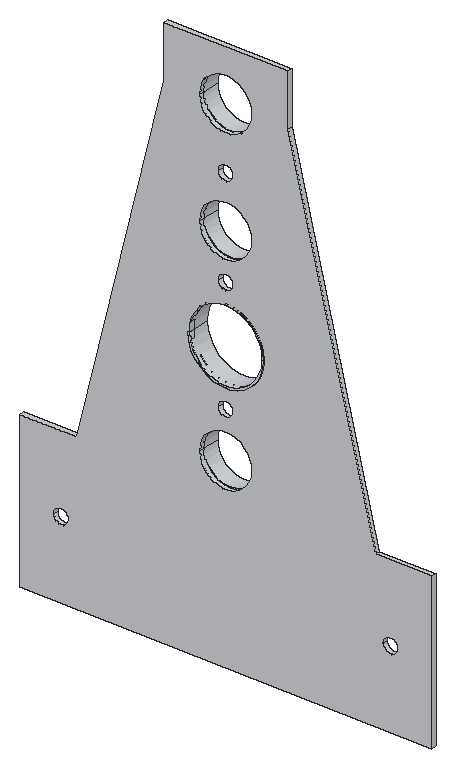
Revit family
Reference planes (in)
  plane 1 "Center (Front/Back)": y = 0
  plane 2: z = 0
  plane 3 "Center (Left/Right)": x = 0
Forms (in)
  Extrusion 1, solid
    sketch origin (0, 0, 0) x (1, 0, 0) y (0, 0, 1)
      loop
        line (-2.5, 0) -> (2.5, 0) -> (2.5, 1.875) -> (1.815, 1.875) -> (0.75, 6.12) -> (0.75, 6.75) -> (-0.75, 6.75) -> (-0.75, 6.12) -> (-1.815, 1.875) -> (-2.5, 1.875) -> (-2.5, 0)
    from 0 to 0.059
  Extrusion 2, void
    sketch origin (0, 0, 0) x (1, 0, 0) y (0, 0, 1)
      loop
        circle (0, 6.13) r 0.316
    from -0.209 to 0.059
  Extrusion 3, void
    sketch origin (0, 0, 0) x (1, 0, 0) y (0, 0, 1)
      loop
        circle (0, 5.38) r 0.09
    from -3.64244 to 0.059
  Extrusion 4, void
    sketch origin (0, 0, -2.57) x (1, 0, 0) y (0, 0, 1)
      loop
        circle (0, 5.38) r 0.09
    from -3.64244 to 0.059
  Extrusion 5, void
    sketch origin (-2, 0, -4.44) x (1, 0, 0) y (0, 0, 1)
      loop
        circle (0, 5.38) r 0.09
    from -3.64244 to 0.059
  Extrusion 6, void
    sketch origin (2, 0, -4.44) x (-1, 0, 0) y (0, 0, -1)
      loop
        circle (0, -5.38) r 0.09
    from -3.64244 to 0.059
  Extrusion 7, void
    sketch origin (0, 0, 0) x (1, 0, 0) y (0, 0, 1)
      loop
        circle (0, 3.5) r 0.441
    from -7.54874 to 0.059
  Extrusion 8, solid
    sketch origin (0, 0, 0) x (1, 0, 0) y (0, 0, 1)
      loop
        circle (0, 6.13) r 0.34
    from 0 to -0.209
  Extrusion 9, void
    sketch origin (0, 0, -1.38) x (1, 0, 0) y (0, 0, 1)
      loop
        circle (0, 6.13) r 0.316
    from -0.209 to 0.059
  Extrusion 10, solid
    sketch origin (0, 0, -1.38) x (1, 0, 0) y (0, 0, 1)
      loop
        circle (0, 6.13) r 0.34
    from 0 to -0.209
  Extrusion 11, void
    sketch origin (0, 0, -3.88) x (1, 0, 0) y (0, 0, 1)
      loop
        circle (0, 6.13) r 0.316
    from -0.209 to 0.059
  Extrusion 12, solid
    sketch origin (0, 0, -3.88) x (1, 0, 0) y (0, 0, 1)
      loop
        circle (0, 6.13) r 0.34
    from 0 to -0.209
  Extrusion 13, solid
    sketch origin (0, 0, 0) x (1, 0, 0) y (0, 0, 1)
      loop
        circle (0, 3.5) r 0.46
    from -0.209 to 0.059
  Extrusion 14, void
    sketch origin (0, 0, -1.19) x (1, 0, 0) y (0, 0, 1)
      loop
        circle (0, 5.38) r 0.09
    from -3.64244 to 0.059
Cuts and joins
  Extrusion 2, Extrusion 3, Extrusion 4, Extrusion 5, Extrusion 6, Extrusion 7, Extrusion 9, Extrusion 11, Extrusion 14 cuts Extrusion 1
  Extrusion 2, Extrusion 9 cuts Extrusion 8
  Extrusion 9, Extrusion 11 cuts Extrusion 10
  Extrusion 11 cuts Extrusion 12
  Extrusion 7 cuts Extrusion 13
Lines and regions (in)
  model lines
    curve 1: line (0.75, 0, 6.12) -> (1.815, 0, 1.875)
    curve 2: line (0.62128, 0, 5.68789) -> (1.44378, 0, 2.4095)
    curve 3: line (0.46609, 0, 5.64896) -> (1.28859, 0, 2.37056)
    curve 4: arc (0.46609, 0, 5.64896) -> (0.52422, 0, 5.74602) -> (0.62128, 0, 5.68789) r 0.08
    curve 5: arc (1.28859, 0, 2.37056) -> (1.38565, 0, 2.31243) -> (1.44378, 0, 2.4095) r 0.08
    curve 6: line (-0.62128, 0, 5.68789) -> (-1.44378, 0, 2.4095)
    curve 7: line (-0.46609, 0, 5.64896) -> (-1.28859, 0, 2.37056)
    curve 8: arc (-0.46609, 0, 5.64896) -> (-0.52422, 0, 5.74602) -> (-0.62128, 0, 5.68789) r 0.08
    curve 9: arc (-1.28859, 0, 2.37056) -> (-1.38565, 0, 2.31243) -> (-1.44378, 0, 2.4095) r 0.08
Dimensions and locks (in)
  locked: cut or joined group 1 (Extrusion 1, Extrusion 2, Extrusion 3, Extrusion 4, Extrusion 5, Extrusion 6, Extrusion 7, Extrusion 9, Extrusion 11, Extrusion 14) to cut or joined group 1 at 0.059
  aligned and locked: plane 2 to level
  aligned and locked: cut or joined group of Extrusion 2, Extrusion 8, Extrusion 9 to Extrusion 2
  aligned and locked: cut or joined group 1 to Extrusion 13
  aligned and locked: Extrusion 1 to Extrusion 2
  aligned and locked: Extrusion 1 to Extrusion 9
  aligned and locked: Extrusion 1 to Extrusion 7
  aligned and locked: Extrusion 1 to Extrusion 11
  aligned and locked: Extrusion 1 to Extrusion 5
  aligned and locked: Extrusion 1 to Extrusion 4
  aligned and locked: Extrusion 1 to Extrusion 6
  aligned and locked: Extrusion 1 to Extrusion 3
  aligned and locked: cut or joined group of Extrusion 2, Extrusion 8, Extrusion 9 to Extrusion 13
Connectors (in)
  piping at (0, 0.209, 6.13)
    settings: on cut or joined group of Extrusion 2, Extrusion 8, Extrusion 9, index 1, connector radius 1/4", flow factor 0, pipe flow 0 GPM, pressure drop 0.00 psi, fitting loss kfactor 0, connector angle 0.00°, fixture units 0, flow configuration 0, flow direction 0, fitting loss method 0, system type 22, connector reference index -1, connector utility 0, adjustable connector no, is connector primary yes, fitting loss table "", connector description ""
  piping at (0, 0.209, 4.75)
    settings: on cut or joined group of Extrusion 9, Extrusion 10, Extrusion 11, index 2, connector radius 1/4", flow factor 0, pipe flow 0 GPM, pressure drop 0.00 psi, fitting loss kfactor 0, connector angle 0.00°, fixture units 0, flow configuration 0, flow direction 0, fitting loss method 0, system type 22, connector reference index -1, connector utility 0, adjustable connector no, is connector primary no, fitting loss table "", connector description ""
  piping at (0, 0.209, 3.5)
    settings: on cut or joined group of Extrusion 7, Extrusion 13, index 3, connector radius 0.38", flow factor 0, pipe flow 0 GPM, pressure drop 0.00 psi, fitting loss kfactor 0, connector angle 0.00°, fixture units 0, flow configuration 0, flow direction 0, fitting loss method 0, system type 22, connector reference index -1, connector utility 0, adjustable connector no, is connector primary no, fitting loss table "", connector description ""
  piping at (0, 0.209, 2.25)
    settings: on cut or joined group of Extrusion 11, Extrusion 12, index 4, connector radius 1/4", flow factor 0, pipe flow 0 GPM, pressure drop 0.00 psi, fitting loss kfactor 0, connector angle 0.00°, fixture units 0, flow configuration 0, flow direction 0, fitting loss method 0, system type 22, connector reference index -1, connector utility 0, adjustable connector no, is connector primary no, fitting loss table "", connector description ""
  piping at (0, -0.059, 6.13)
    settings: on cut or joined group 1, index 5, connector radius 1/4", flow factor 0, pipe flow 0 GPM, pressure drop 0.00 psi, fitting loss kfactor 0, connector angle 0.00°, fixture units 0, flow configuration 0, flow direction 0, fitting loss method 0, system type 22, connector reference index -1, connector utility 0, adjustable connector no, is connector primary no, fitting loss table "", connector description ""
  piping at (0, -0.059, 4.75)
    settings: on cut or joined group 1, index 6, connector radius 1/4", flow factor 0, pipe flow 0 GPM, pressure drop 0.00 psi, fitting loss kfactor 0, connector angle 0.00°, fixture units 0, flow configuration 0, flow direction 0, fitting loss method 0, system type 22, connector reference index -1, connector utility 0, adjustable connector no, is connector primary no, fitting loss table "", connector description ""
  piping at (0, -0.059, 3.5)
    settings: on cut or joined group of Extrusion 7, Extrusion 13, index 7, connector radius 0.38", flow factor 0, pipe flow 0 GPM, pressure drop 0.00 psi, fitting loss kfactor 0, connector angle 0.00°, fixture units 0, flow configuration 0, flow direction 0, fitting loss method 0, system type 22, connector reference index -1, connector utility 0, adjustable connector no, is connector primary no, fitting loss table "", connector description ""
  piping at (0, -0.059, 2.25)
    settings: on cut or joined group 1, index 8, connector radius 1/4", flow factor 0, pipe flow 0 GPM, pressure drop 0.00 psi, fitting loss kfactor 0, connector angle 0.00°, fixture units 0, flow configuration 0, flow direction 0, fitting loss method 0, system type 22, connector reference index -1, connector utility 0, adjustable connector no, is connector primary no, fitting loss table "", connector description ""
